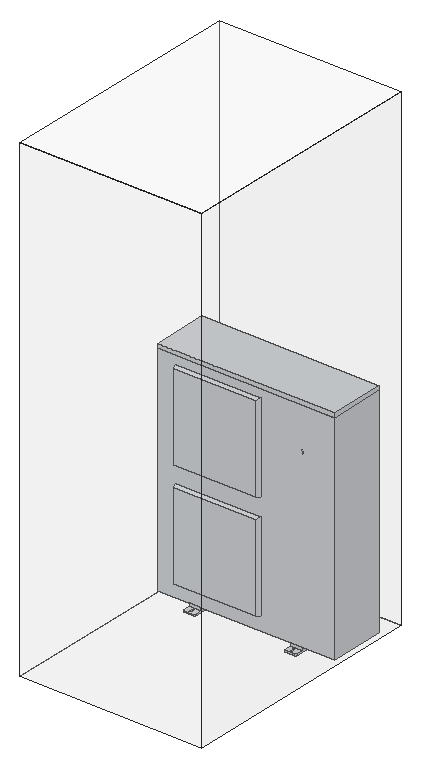
Revit family "pumy-frp80_280hm_60hz", category 機械設備, Revit 2019
Family settings
  丸型コネクタ寸法 = 直径を使用
  パーツ タイプ = 標準
  OmniClass 番号 = 23.75.10.24.21.27.27
  OmniClass タイトル = Split System Air Conditioning Units
  作業面ベース = いいえ
  常に垂直 = はい
  ロード時にボイドで切り取り = いいえ
  共有 = いいえ
  部屋計算ポイント = いいえ
Parameters (values of type "室外機_PUMY-FRP112HM")
  運転音_冷房  db = 70
  音響パワーレベル(dB) = if(運転音_冷房  db > 運転音_暖房  db, 運転音_冷房  db, 運転音_暖房  db)  # 70
  電源種別 = ""
  電源位置Y = 2 mm
  電源位置Z = 1062 mm
  電源位置X = 325 mm
  電圧 = 200 V
  電動機出力_送風機 = 0.12 kW
  電動機出力_圧縮機 = 2.35 kW
  集中コントローラ [instance] = ""
  運転音_暖房  db = 70
  運転質量 = 0.00 kg
  運転方法 = "冷暖切替"
  質量 = if(製品質量 > 運転質量, 製品質量, 運転質量) * 1.2  # 146.40 kg
  負荷分類 = 1_熱源類
  説明 = "空冷H/P PAC インバータ室外機"
  設計暖房能力 [instance] = 0 kW
  設計冷房能力_顕熱 [instance] = 0 kW
  設計冷房能力 [instance] = 0 kW
  設置方法 = "床置形"
  記号 [instance] = ""
  製造元 = "三菱電機株式会社"
  製品質量 = 122.00 kg
  製品出荷対象 = "国内"
  製品リリース年月 = "2022/9/15"
  製品グループ = ""
  系統 [instance] = ""
  符号 = "PAC"
  積算_科目 = "1 空気調和設備"
  積算_拾い区分 [instance] = ""
  相 = 3
  盤記号 [instance] = ""
  発停方法 = "付属スイッチ"
  特殊仕様 [instance] = ""
  消費電力_暖房 = 2.81 kW
  消費電力_冷房 = 2.42 kW
  消費電力 = if(消費電力_冷房 > 消費電力_暖房, 消費電力_冷房, 消費電力_暖房)  # 2.81 kW
  法定耐用年数 = "6"
  構成品番 = "PUMY-FRP112HM"
  極数 = 3
  材質 [instance] = ""
  本体マテリアル = none
  最小電線太さ_mm2 = 3.5
  最大電流値 = 17.5 A
  暖房能力 = 11.2 kW
  推奨ブレーカー容量 = 30 A
  据付ピッチ1 = 0 mm
  形式 = "パッケージ形 室外機"
  形名 = pumy3 : pumy3-1
  幹線記号 [instance] = ""
  呼称 = "パッケージ形空気調和機_室外機"
  周波数 = 60 Hz
  冷媒管（液）位置Z = 485 mm
  冷媒管位置Z_上面 = 565 mm
  冷媒管（ガス）位置Z = 420 mm
  冷媒液管_半径 = (冷媒液管径) / 2  # 4.76 mm
  冷媒ガス管_半径 = (冷媒ガス管径) / 2  # 7.94 mm
  価格 = 0
  ドレン　位置Z = 23 mm
  ドレン　位置Y = 11 mm
  ドレン　位置X = 480 mm
  アンカーボルト位置Y = 370 mm
  アンカーボルト位置X = 600 mm
  参照している仕様書等のバージョン = "公共建築物標準仕様書（機械設備工事編）平成31年度版"
  分類コード = "50053003126100"
  分類グループ = ""
  冷房能力 = 10 kW
  冷媒管（ガス）位置X = 483 mm
  冷媒管（液）位置X = 422 mm
  冷媒管（液）位置Y = 125 mm
  冷媒管（ガス）位置Y = 109 mm
  冷媒管長 [instance] = 0 mm
  冷媒管径符号 = "Bd"
  冷媒管径 = 100.00 mm
  冷媒管位置Z = 420 mm
  冷媒管位置Y = 111 mm
  冷媒管位置X = (冷媒管（液）位置X + 冷媒管（ガス）位置X) / 2  # 452.5 mm
  冷媒液管径 = 9.52 mm
  冷媒ガス管径 = 15.88 mm
  企業コード = "108420"
  付属品 [instance] = ""
  仕様書バージョン = "Version1.0"
  ユニット数 = 1
  ユニット3 = yes
  ユニット2 = yes
  Model = ""
  ドレン管径 = 33.00 mm
  サービススペース = yes
  コメント [instance] = ""
  ケーブル種類1 = ""
  【値が 0 の項目は組合せ形名にてご確認ください】 = ""
  Width = 1050 mm
  Version = ""
  Uniclass2015Version = "Systems v1.9"
  Uniclass2015Title = "Split coil remote air cooled condensing units"
  Uniclass2015Code = "Pr_70_65_03_84"
  URL = "https://www.mitsubishielectric.co.jp/ldg/wink/ssl/top.do"
  SpecificationReference = ""
  SpecificationDescription = ""
  Revision = ""
  ProductInformation = ""
  OmniClassCode = "23-33 17 13 11"
  IfcTypeProduct = ""
  IfcProduct = ""
  IfcExportType = "AIRCONDITIONINGUNIT"
  IfcExportAs = "IfcUnitaryEquipmentType"
  Height = 1338 mm
  Depth = 330 mm
  Clearance Top = 1500 mm
  Clearance Right = 15 mm
  Clearance Left = 15 mm
  Clearance Front = 1000 mm
  Clearance Bottom = 0 mm
  Clearance Back = 150 mm
  COP_暖房 = 3.98
  COP_冷房 = 4.13
  COP = (COP_冷房 + COP_暖房) / 2  # 4.055
  Author = "三菱電機株式会社"
  APF = 0
Reference planes
  plane 1 "中心(正面/背面)": y = 74
  plane 2: z = 0
  plane 3 "中心(左/右)": x = 830
  plane 4 "右": x = 1355
  plane 5 "左": x = 305
  plane 6 "背面": y = 239
  plane 7 "正面": y = -91
  plane 8 "上部": z = 1338
  plane 9 "Clearanse Top": z = 2838
  plane 10 "SS_back": y = 389
  plane 11 "SS_front": y = -1091
  plane 12 "SS_left": x = 290
  plane 13 "SS_right": x = 1370
  plane 14: z = 0
  plane 15: y = -89
  plane 16: x = 1155
  plane 17: z = 1062
  plane 18: x = 1282.5
  plane 19: y = 63
  plane 20: x = 350
  plane 21: z = 25
  plane 22: z = 23
  plane 23: x = 530
  plane 24: x = 1130
  plane 25: y = 259
  plane 26: y = -111
  plane 27: x = 1313
  plane 28: x = 1252
  plane 29 "ガス管": z = 420
  plane 30 "液管": z = 485
  plane 31: y = -51
  plane 32: y = -35
  plane 33 "冷媒管": z = 420
  plane 34: y = -37
  plane 35: z = 565
Forms (mm)
  Extrusion 1, solid, detail levels fine
    sketch origin (0, -91, 0) x (1, 0, 0) y (0, 0, 1)
      loop
        circle (1155, 1062) r 13.5
    from -12 to -2
  Extrusion 2, solid, detail levels fine
    sketch origin (-1437.329, -1524, 54) x (-1, 0, 0) y (0, -1, 0)
      loop
        circle (-1787.329, -1587) r 16.5
    from -31 to -29
  Extrusion 3, solid, detail levels fine
    sketch origin (0, 0, 485) x (-1, 0, 0) y (0, -1, 0)
      loop
        circle (-1252, 51) r 4.76
    from 0 to 80
  Extrusion 4, solid, detail levels fine
    sketch origin (0, 0, 420) x (-1, 0, 0) y (0, -1, 0)
      loop
        circle (-1313, 35) r 7.94
    from 0 to 100
  Extrusion 5, solid, detail levels fine
    sketch origin (0, 0, 420) x (-1, 0, 0) y (0, -1, 0)
      loop
        circle (-1282.5, 37) r 50
    from 0 to 145
Lines and regions (mm)
  model lines, not visible
    curve 1: line (460, 178.667, 1289.179) -> (460, 297.73, 1289.179)
    curve 2: line (460, 178.667, 1056.056) -> (460, 178.667, 1289.179)
    curve 3: line (460, 297.73, 1056.056) -> (460, 178.667, 1056.056)
    curve 4: line (460, 297.73, 1289.179) -> (460, 297.73, 1056.056)
    curve 5: line (460, 47.598, 1289.179) -> (460, 166.661, 1289.179)
    curve 6: line (460, 47.598, 1056.056) -> (460, 47.598, 1289.179)
    curve 7: line (460, 166.661, 1056.056) -> (460, 47.598, 1056.056)
    curve 8: line (460, 166.661, 1289.179) -> (460, 166.661, 1056.056)
    curve 9: line (460, -83.471, 1289.179) -> (460, 35.592, 1289.179)
    curve 10: line (460, -83.471, 1056.056) -> (460, -83.471, 1289.179)
    curve 11: line (460, 35.592, 1056.056) -> (460, -83.471, 1056.056)
    curve 12: line (460, 35.592, 1289.179) -> (460, 35.592, 1056.056)
    curve 13: line (460, -150.779, 1289.179) -> (460, -95.75, 1289.179)
    curve 14: line (460, -150.779, 1056.056) -> (460, -150.779, 1289.179)
    curve 15: line (460, -95.75, 1056.056) -> (460, -150.779, 1056.056)
    curve 16: line (460, -95.75, 1289.179) -> (460, -95.75, 1056.056)
    curve 17: line (460, -150.779, 1283.175) -> (460, -132.596, 1283.175)
    curve 18: line (460, -150.779, 1062.059) -> (460, -150.779, 1283.175)
    curve 19: line (460, -132.596, 1062.059) -> (460, -150.779, 1062.059)
    curve 20: line (460, -132.596, 1283.175) -> (460, -132.596, 1062.059)
    curve 21: line (460, 178.667, 1046.051) -> (460, 297.73, 1046.051)
    curve 22: line (460, 178.667, 812.928) -> (460, 178.667, 1046.051)
    curve 23: line (460, 297.73, 812.928) -> (460, 178.667, 812.928)
    curve 24: line (460, 297.73, 1046.051) -> (460, 297.73, 812.928)
    curve 25: line (460, 47.598, 1046.051) -> (460, 166.661, 1046.051)
    curve 26: line (460, 47.598, 812.928) -> (460, 47.598, 1046.051)
    curve 27: line (460, 166.661, 812.928) -> (460, 47.598, 812.928)
    curve 28: line (460, 166.661, 1046.051) -> (460, 166.661, 812.928)
    curve 29: line (460, -83.471, 1046.051) -> (460, 35.592, 1046.051)
    curve 30: line (460, -83.471, 812.928) -> (460, -83.471, 1046.051)
    curve 31: line (460, 35.592, 812.928) -> (460, -83.471, 812.928)
    curve 32: line (460, 35.592, 1046.051) -> (460, 35.592, 812.928)
    curve 33: line (460, -150.779, 1046.051) -> (460, -95.75, 1046.051)
    curve 34: line (460, -150.779, 812.928) -> (460, -150.779, 1046.051)
    curve 35: line (460, -95.75, 812.928) -> (460, -150.779, 812.928)
    curve 36: line (460, -95.75, 1046.051) -> (460, -95.75, 812.928)
    curve 37: line (460, -150.779, 1040.048) -> (460, -132.596, 1040.048)
    curve 38: line (460, -150.779, 818.931) -> (460, -150.779, 1040.048)
    curve 39: line (460, -132.596, 818.931) -> (460, -150.779, 818.931)
    curve 40: line (460, -132.596, 1040.048) -> (460, -132.596, 818.931)
    curve 41: line (460, 178.667, 802.923) -> (460, 297.73, 802.923)
    curve 42: line (460, 178.667, 569.8) -> (460, 178.667, 802.923)
    curve 43: line (460, 297.73, 569.8) -> (460, 178.667, 569.8)
    curve 44: line (460, 297.73, 802.923) -> (460, 297.73, 569.8)
    curve 45: line (460, 47.598, 802.923) -> (460, 166.661, 802.923)
    curve 46: line (460, 47.598, 569.8) -> (460, 47.598, 802.923)
    curve 47: line (460, 166.661, 569.8) -> (460, 47.598, 569.8)
    curve 48: line (460, 166.661, 802.923) -> (460, 166.661, 569.8)
    curve 49: line (460, -83.471, 802.923) -> (460, 35.592, 802.923)
    curve 50: line (460, -83.471, 569.8) -> (460, -83.471, 802.923)
    curve 51: line (460, 35.592, 569.8) -> (460, -83.471, 569.8)
    curve 52: line (460, 35.592, 802.923) -> (460, 35.592, 569.8)
    curve 53: line (460, -150.779, 802.923) -> (460, -95.75, 802.923)
    curve 54: line (460, -150.779, 569.8) -> (460, -150.779, 802.923)
    curve 55: line (460, -95.75, 569.8) -> (460, -150.779, 569.8)
    curve 56: line (460, -95.75, 802.923) -> (460, -95.75, 569.8)
    curve 57: line (460, -150.779, 796.92) -> (460, -132.596, 796.92)
    curve 58: line (460, -150.779, 575.803) -> (460, -150.779, 796.92)
    curve 59: line (460, -132.596, 575.803) -> (460, -150.779, 575.803)
    curve 60: line (460, -132.596, 796.92) -> (460, -132.596, 575.803)
    curve 61: line (460, 178.667, 559.795) -> (460, 297.73, 559.795)
    curve 62: line (460, 178.667, 326.672) -> (460, 178.667, 559.795)
    curve 63: line (460, 297.73, 326.672) -> (460, 178.667, 326.672)
    curve 64: line (460, 297.73, 559.795) -> (460, 297.73, 326.672)
    curve 65: line (460, 47.598, 559.795) -> (460, 166.661, 559.795)
    curve 66: line (460, 47.598, 326.672) -> (460, 47.598, 559.795)
    curve 67: line (460, 166.661, 326.672) -> (460, 47.598, 326.672)
    curve 68: line (460, 166.661, 559.795) -> (460, 166.661, 326.672)
    curve 69: line (460, -83.471, 559.795) -> (460, 35.592, 559.795)
    curve 70: line (460, -83.471, 326.672) -> (460, -83.471, 559.795)
    curve 71: line (460, 35.592, 326.672) -> (460, -83.471, 326.672)
    curve 72: line (460, 35.592, 559.795) -> (460, 35.592, 326.672)
    curve 73: line (460, -150.779, 559.795) -> (460, -95.75, 559.795)
    curve 74: line (460, -150.779, 326.672) -> (460, -150.779, 559.795)
    curve 75: line (460, -95.75, 326.672) -> (460, -150.779, 326.672)
    curve 76: line (460, -95.75, 559.795) -> (460, -95.75, 326.672)
    curve 77: line (460, -150.779, 553.792) -> (460, -132.596, 553.792)
    curve 78: line (460, -150.779, 332.675) -> (460, -150.779, 553.792)
    curve 79: line (460, -132.596, 332.675) -> (460, -150.779, 332.675)
    curve 80: line (460, -132.596, 553.792) -> (460, -132.596, 332.675)
    curve 81: line (460, 178.667, 316.667) -> (460, 297.73, 316.667)
    curve 82: line (460, 178.667, 83.544) -> (460, 178.667, 316.667)
    curve 83: line (460, 297.73, 83.544) -> (460, 178.667, 83.544)
    curve 84: line (460, 297.73, 316.667) -> (460, 297.73, 83.544)
    curve 85: line (460, 47.598, 316.667) -> (460, 166.661, 316.667)
    curve 86: line (460, 47.598, 83.544) -> (460, 47.598, 316.667)
    curve 87: line (460, 166.661, 83.544) -> (460, 47.598, 83.544)
    curve 88: line (460, 166.661, 316.667) -> (460, 166.661, 83.544)
    curve 89: line (460, -83.471, 316.667) -> (460, 35.592, 316.667)
    curve 90: line (460, -83.471, 83.544) -> (460, -83.471, 316.667)
    curve 91: line (460, 35.592, 83.544) -> (460, -83.471, 83.544)
    curve 92: line (460, 35.592, 316.667) -> (460, 35.592, 83.544)
    curve 93: line (460, -150.779, 316.667) -> (460, -95.75, 316.667)
    curve 94: line (460, -150.779, 83.544) -> (460, -150.779, 316.667)
    curve 95: line (460, -95.75, 83.544) -> (460, -150.779, 83.544)
    curve 96: line (460, -95.75, 316.667) -> (460, -95.75, 83.544)
    curve 97: line (460, -150.779, 310.664) -> (460, -132.596, 310.664)
    curve 98: line (460, -150.779, 89.547) -> (460, -150.779, 310.664)
    curve 99: line (460, -132.596, 89.547) -> (460, -150.779, 89.547)
    curve 100: line (460, -132.596, 310.664) -> (460, -132.596, 89.547)
Dimensions and locks
  equal spacing: plane 7 "正面", plane 1 "中心(正面/背面)", plane 6 "背面"
  "Depth": plane 7 "正面" to plane 6 "背面"
  "Width": plane 5 "左" to plane 4 "右"
  equal spacing: plane 5 "左", plane 3 "中心(左/右)", plane 4 "右"
  "Clearance Left": plane 12 "SS_left" to plane 5 "左"
  "Clearance Right": plane 4 "右" to plane 13 "SS_right"
  "Clearance Back": plane 6 "背面" to plane 10 "SS_back"
  "Clearance Front": plane 11 "SS_front" to plane 7 "正面"
  "Height": plane 8 "上部" to level
  "Clearance Top": plane 9 "Clearanse Top" to plane 8 "上部"
  "Clearance Bottom": level to plane 14
  "電源位置X": plane 3 "中心(左/右)" to plane 16
  "電源位置Y": plane 7 "正面" to plane 15
  "電源位置Z": plane 17 to level
  "冷媒管位置X": plane 3 "中心(左/右)" to plane 18
  locked: plane 21 to plane 22 at 2
  equal spacing: plane 26, plane 1 "中心(正面/背面)", plane 25
  "アンカーボルト位置Y": plane 26 to plane 25
  equal spacing: plane 23, plane 3 "中心(左/右)", plane 24
  "アンカーボルト位置X": plane 23 to plane 24
  plane 28 to plane 27 = 61 mm
  "冷媒管（液）位置X": nested 1 to plane 28
  "冷媒管（ガス）位置X": nested 1 to plane 27
  "ドレン　位置Y": plane 19 to plane 1 "中心(正面/背面)"
  "ドレン　位置X": plane 20 to nested 1
  plane 25 to nested 2 = 19 mm
  nested 2 to plane 7 "正面" = 25 mm
  plane 5 "左" to plane 23 = 225 mm
  nested 2 to plane 26 = 28 mm
  nested 2 to nested 2 = 417 mm
  plane 7 "正面" to plane 19 = 154 mm
  plane 7 "正面" to plane 31 = 40 mm
  plane 7 "正面" to plane 32 = 56 mm
  plane 28 to plane 18 to plane 27 = 30.5 mm, 30.5 mm
  "冷媒管（ガス）位置Y": plane 32 to plane 1 "中心(正面/背面)"
  "冷媒管（液）位置Y": plane 31 to plane 1 "中心(正面/背面)"
  "冷媒管（ガス）位置Z": plane 29 "ガス管" to level
  "冷媒管（液）位置Z": plane 30 "液管" to level
  "冷媒管位置Z": plane 33 "冷媒管" to level
  "冷媒管位置Y": plane 34 to plane 1 "中心(正面/背面)"
  "冷媒管位置Z_上面": plane 35 to level
  radius of Extrusion 1 sketch curve = 13.5 mm
  "ドレン管径": diameter of Extrusion 2 sketch curve
  "冷媒液管_半径": radius of Extrusion 3 sketch curve
  "冷媒ガス管_半径": radius of Extrusion 4 sketch curve
  aligned and locked: level to plane 2
  aligned and locked: plane 10 "SS_back" to nested 1  (x2)
  aligned and locked: plane 13 "SS_right" to nested 1
  aligned and locked: plane 12 "SS_left" to nested 1  (x2)
  aligned and locked: nested 1 to plane 13 "SS_right"
  aligned and locked: plane 11 "SS_front" to nested 1
  aligned and locked: plane 9 "Clearanse Top" to nested 1
  aligned and locked: plane 1 "中心(正面/背面)" to nested 2
  aligned and locked: plane 3 "中心(左/右)" to nested 2
  aligned and locked: plane 14 to nested 1
  aligned and locked: plane 17 to Extrusion 1 sketch curve
  aligned and locked: plane 16 to Extrusion 1 sketch curve
  aligned and locked: plane 15 to Extrusion 1
  aligned and locked: plane 20 to Extrusion 2 sketch curve
  aligned and locked: plane 19 to Extrusion 2 sketch curve
  aligned and locked: plane 21 to Extrusion 2
  aligned and locked: Extrusion 2 to plane 22
  aligned and locked: plane 23 to nested 3
  aligned and locked: plane 25 to nested 3
  aligned and locked: Extrusion 4 to plane 29 "ガス管"
  aligned and locked: Extrusion 3 to plane 30 "液管"
  aligned and locked: Extrusion 5 to plane 33 "冷媒管"
  aligned and locked: plane 35 to Extrusion 5
Automatic sketch dimensions
  Extrusion 5 sketch curve to plane 18 = 0 mm
  plane 34 to Extrusion 5 sketch curve = 0 mm
  Extrusion 3 sketch curve to plane 28 = 0 mm
  plane 31 to Extrusion 3 sketch curve = 0 mm
  Extrusion 4 sketch curve to plane 27 = 0 mm
  plane 32 to Extrusion 4 sketch curve = 0 mm
  radius of Extrusion 5 sketch curve = 50 mm
Nested families
  nested 1: "サービススペース" at (830, -351, 1419), visible <- "サービススペース", type "サービススペース"
    with Width 1080 mm, Height 2838 mm, Depth 1480 mm
  nested 2: "pumy3" at (830, 74, 0), type <- "形名", type "pumy3-1", detail levels fine
  nested 3: "固定点" at (530, -111, 0), type "固定点"
    with W 600 mm, D 370 mm
Connectors
  electrical at (1155, -89, 1062), driven by "極数", driven by "負荷分類", driven by "電圧", driven by "消費電力"
    settings: on Extrusion 1, index 2, voltage 200 V, apparent load 2810 VA, apparent load phase1 0 VA, apparent load phase2 0 VA, apparent load phase3 0 VA, power factor 1, load classification "1_熱源類", number of poles 3, system type 30, power factor state 1, is connector primary yes, connector utility no, sub classification motor no, connector description ""
  piping at (1282.5, -37, 420), diameter 100, driven by "冷媒管径"
    settings: on Extrusion 5, index 3, connector inside diameter 609.60 mm, connector length 0 mm, flow factor 0, pipe flow 0.0 L/s, pressure drop 0.0 Pa, fitting loss kfactor 0, connector angle 0.00°, fixture units 0, engagement length 0 mm, angle of deflection 0.00°, flow configuration 1, flow direction 2, fitting loss method 4, system type 7, joint type 0, gender type 0, connector reference index -1, connector utility 0, adjustable connector no, is connector primary yes, connector description "Bd"
Definition of nested family "サービススペース"
  Parameters (values of type "サービススペース")
    Width [instance] = 500 mm
    Height [instance] = 500 mm
    Depth [instance] = 500 mm
  Reference planes
    plane 1 "中心(正面/背面)": y = 0
    plane 2: z = 0
    plane 3 "中心(左/右)": x = 0
    plane 4: y = -250
    plane 5: x = 250
    plane 6: y = 250
    plane 7: x = -250
    plane 8: z = 250
    plane 9: z = -250
  Forms (mm)
    Extrusion 1, solid
      sketch origin (-638.939, 0, 72.39) x (1, 0, 0) y (0, 1, 0)
        loop
          line (388.939, 250) -> (388.939, -250) -> (888.939, -250) -> (888.939, 250) -> (388.939, 250)
      from -322.39 to 177.61
  Lines and regions (mm)
    symbolic lines
      curve 1: line (-250, 0, 250) -> (250, 0, 250)
      curve 2: line (-250, 0, -250) -> (-250, 0, 250)
      curve 3: line (250, 0, -250) -> (-250, 0, -250)
      curve 4: line (250, 0, 250) -> (250, 0, -250)
      curve 5: line (0, -250, 250) -> (0, 250, 250)
      curve 6: line (0, -250, -250) -> (0, -250, 250)
      curve 7: line (0, 250, -250) -> (0, -250, -250)
      curve 8: line (0, 250, 250) -> (0, 250, -250)
      curve 9: line (-250, 250, 0) -> (250, 250, 0)
      curve 10: line (-250, -250, 0) -> (-250, 250, 0)
      curve 11: line (250, -250, 0) -> (-250, -250, 0)
      curve 12: line (250, 250, 0) -> (250, -250, 0)
  Dimensions and locks
    equal spacing: plane 7, plane 3 "中心(左/右)", plane 5
    equal spacing: plane 4, plane 1 "中心(正面/背面)", plane 6
    "Depth": plane 4 to plane 6
    "Width": plane 7 to plane 5
    equal spacing: plane 8, plane 2, plane 9
    "Height": plane 8 to plane 9
    aligned and locked: plane 9 to curve 3
    aligned and locked: plane 7 to curve 2
    aligned and locked: curve 4 to plane 5
    aligned and locked: plane 5 to Extrusion 1
    aligned and locked: Extrusion 1 to plane 7
    aligned and locked: Extrusion 1 to plane 9
    aligned and locked: plane 8 to Extrusion 1
    aligned and locked: plane 9 to curve 7
  Automatic sketch dimensions
    plane 4 to Extrusion 1 sketch curve = 0 mm
    Extrusion 1 sketch curve to plane 7 = 0 mm
    Extrusion 1 sketch curve to plane 5 = 0 mm
    plane 6 to Extrusion 1 sketch curve = 0 mm
    curve 2 to plane 8 = 0 mm
    plane 4 to curve 11 = 0 mm
    curve 11 to plane 7 = 0 mm
    curve 11 to plane 5 = 0 mm
    plane 6 to curve 10 = 0 mm
    curve 7 to plane 4 = 0 mm
    curve 7 to plane 6 = 0 mm
    curve 6 to plane 8 = 0 mm
Definition of nested family "pumy3"
  Parameters (values of type "PUZ-ZRMP112KA11")
    配線取出口サイズ = 27 mm
    配線取出口-Z = 1063 mm
    配線取出口-Y = 325 mm
    配線取出口-X = 325 mm
    液配管サイズ = 100 mm
    高さ = 1338 mm
    換気-W = 362 mm
    換気-H2 = 632 mm
    換気-H1 = 369 mm
    換気-D = 25 mm
    奥行き = 330 mm
    吊りボルト_H = 0 mm
    吊りボルト-φ = 12 mm
    冷媒配管サイズ = 9.52 mm
    冷媒液管径-Z = 485 mm
    冷媒液管径-Y = 290 mm
    冷媒液管径-X = 422 mm
    冷媒ガス管径-Z = 420 mm
    冷媒ガス管径-Y = 234 mm
    冷媒ガス管径-X = 483 mm
    吊りボルト-W = 600 mm
    マテリアル = none
    ドレン配管サイズ = 33 mm
    ドレン管径-Z = 0 mm
    ドレン管径-Y = 154 mm
    ドレン管径-X = 480 mm
    タイプ3 = yes
    タイプ2 = no
    タイプ1 = no
    ガス配管サイズ = 15.88 mm
    吊りボルト-D = 370 mm
    幅さ = 1050 mm
    a = 幅さ / 2  # 525 mm
  Types (3, lengths in mm): name | 冷媒配管サイズ | 冷媒液管径-Z | 冷媒液管径-X | 冷媒ガス管径-Z | 冷媒ガス管径-Y | 冷媒ガス管径-X | ガス配管サイズ
    PUZ-ZRMP112KA11 | 9.52 | 485 | 422 | 420 | 234 | 483 | 15.88
    PUZ-ZRMP224KA | 19.05 | 450 | 423 | 337 | 236 | 479 | 25.4
    PUZ-ZRMP280KA | 19.05 | 424 | 423 | 337 | 236 | 479 | 25.4
  Reference planes
    plane 1 "中心(正面/背面)": y = 0
    plane 2: z = 0
    plane 3 "中心(左/右)": x = 0
    plane 4: z = 1338
    plane 5: x = -525
    plane 6: x = 525
    plane 7: y = 165
    plane 8: y = -165
    plane 9: x = 587
    plane 10: y = -105
    plane 11: y = 5
    plane 12: z = 1313
    plane 13: x = -545
    plane 14: x = -300
    plane 15: x = 300
    plane 16: y = 185
    plane 17: y = -185
    plane 18: x = 335
    plane 19: x = 265
    plane 20: x = -265
    plane 21: x = -335
    plane 22: y = 204
    plane 23: z = 8.5
    plane 24: z = 25
    plane 25: z = 23
    plane 26: z = 1333
    plane 27: y = -40
    plane 28: y = 40
    plane 29: y = -30
    plane 30: y = 30
    plane 31: z = 1318
    plane 32: z = 55
    plane 33: z = 225
    plane 34: z = 570
    plane 35: x = 535
    plane 36: x = 556
    plane 37: y = -190
    plane 38: x = -163
    plane 39: z = 369
    plane 40: x = 91
    plane 41: x = -417
    plane 42: z = 633
    plane 43: z = 105
    plane 44: x = -407
    plane 45: x = 81
    plane 46: z = 623
    plane 47: z = 115
    plane 48: y = 115
    plane 49: y = -115
    plane 50: x = -480
    plane 51: y = -11
    plane 52: x = 325
    plane 53: y = -160
    plane 54: y = -125
    plane 55: y = -69
    plane 56: z = 1063
    plane 57: y = -110
    plane 58: y = -97
    plane 59 "グループ": x = -525
    plane 60: z = 1338
    plane 61: z = 943
    plane 62: z = 1001
    plane 63: z = 1265
    plane 64: z = 737
    plane 65: z = 1255
    plane 66: z = 747
    plane 67: y = 125
    plane 68: x = -370
    plane 69: x = -210
    plane 70: x = -50
    plane 71: x = 110
    plane 72: y = -213
  Forms (mm)
    Extrusion 1, solid, visible <- "タイプ3", detail levels fine
      sketch origin (-1437.329, -1524, 1338) x (-1, 0, 0) y (0, -1, 0)
        loop
          line (-1102.329, -1689) -> (-1102.329, -1359) -> (-1172.329, -1359) -> (-1172.329, -1689) -> (-1102.329, -1689)
        loop
          line (-1702.329, -1689) -> (-1702.329, -1359) -> (-1772.329, -1359) -> (-1772.329, -1689) -> (-1702.329, -1689)
      from -1338 to -1313
    Extrusion 2, solid, material <- "マテリアル", visible <- "タイプ3", detail levels fine
      sketch origin (-1437.329, -1524, 1338) x (-1, 0, 0) y (0, -1, 0)
        loop
          line (-1962.329, -1689) -> (-912.329, -1689) -> (-912.329, -1359) -> (-1962.329, -1359) -> (-1962.329, -1689)
      from -1313 to -25
    Extrusion 3, solid, material <- "マテリアル", visible <- "タイプ3", detail levels fine
      sketch origin (-1437.329, -1524, 1338) x (-1, 0, 0) y (0, -1, 0)
        loop
          line (-912.329, -1689) -> (-912.329, -1359) -> (-1962.329, -1359) -> (-1962.329, -1689) -> (-912.329, -1689)
      from -25 to 0
    Blend 4, solid, material <- "マテリアル", visible <- "タイプ3", detail levels fine
      base sketch origin (0, 0, 0) x (1, 0, 0) y (0, 0, 1)
        loop
          line (-417, 633) -> (-417, 105) -> (91, 105) -> (91, 633) -> (-417, 633)
      top sketch origin (0, 0, 0) x (1, 0, 0) y (0, 0, 1)
        loop
          line (-407, 623) -> (-407, 115) -> (81, 115) -> (81, 623) -> (-407, 623)
      from 165 to 190
    Blend 5, solid, material <- "マテリアル", visible <- "タイプ3", detail levels fine
      base sketch origin (1480.036, -190, 1200) x (1, 0, 0) y (0, 0, 1)
        loop
          line (-1897.036, 65) -> (-1897.036, -463) -> (-1389.036, -463) -> (-1389.036, 65) -> (-1897.036, 65)
      top sketch origin (1480.036, -190, 1200) x (1, 0, 0) y (0, 0, 1)
        loop
          line (-1887.036, 55) -> (-1887.036, -453) -> (-1399.036, -453) -> (-1399.036, 55) -> (-1887.036, 55)
      from -25 to 0
    Extrusion 6, solid, visible <- "タイプ3", detail levels fine
      sketch origin (-1437.329, -1524, 1338) x (-1, 0, 0) y (0, -1, 0)
        loop
          line (-1102.329, -1728) -> (-1102.329, -1689) -> (-1172.329, -1689) -> (-1172.329, -1728) -> (-1143.329, -1728) -> (-1143.329, -1709)
          arc (-1143.329, -1709) -> (-1137.329, -1703) -> (-1131.329, -1709) r 6
          line (-1131.329, -1709) -> (-1131.329, -1728) -> (-1102.329, -1728)
        loop
          line (-1102.329, -1359) -> (-1102.329, -1316)
          arc (-1102.329, -1316) -> (-1103.794, -1312.464) -> (-1107.329, -1311) r 5
          line (-1107.329, -1311) -> (-1167.329, -1311)
          arc (-1167.329, -1311) -> (-1170.865, -1312.464) -> (-1172.329, -1316) r 5
          line (-1172.329, -1316) -> (-1172.329, -1359) -> (-1102.329, -1359)
        loop
          arc (-1143.329, -1339) -> (-1137.329, -1345) -> (-1131.329, -1339) r 6
          line (-1131.329, -1339) -> (-1131.329, -1324)
          arc (-1131.329, -1324) -> (-1137.329, -1318) -> (-1143.329, -1324) r 6
          line (-1143.329, -1324) -> (-1143.329, -1339)
        loop
          line (-1772.329, -1728) -> (-1743.329, -1728) -> (-1743.329, -1709)
          arc (-1743.329, -1709) -> (-1737.329, -1703) -> (-1731.329, -1709) r 6
          line (-1731.329, -1709) -> (-1731.329, -1728) -> (-1702.329, -1728) -> (-1702.329, -1689) -> (-1772.329, -1689) -> (-1772.329, -1728)
        loop
          line (-1772.329, -1359) -> (-1702.329, -1359) -> (-1702.329, -1316)
          arc (-1702.329, -1316) -> (-1703.794, -1312.464) -> (-1707.329, -1311) r 5
          line (-1707.329, -1311) -> (-1767.329, -1311)
          arc (-1767.329, -1311) -> (-1770.865, -1312.464) -> (-1772.329, -1316) r 5
          line (-1772.329, -1316) -> (-1772.329, -1359)
        loop
          line (-1731.329, -1339) -> (-1731.329, -1324)
          arc (-1731.329, -1324) -> (-1737.329, -1318) -> (-1743.329, -1324) r 6
          line (-1743.329, -1324) -> (-1743.329, -1339)
          arc (-1743.329, -1339) -> (-1737.329, -1345) -> (-1731.329, -1339) r 6
      from -1338 to -1329.5
    Extrusion 7, solid, material <- "マテリアル", visible <- "タイプ3", detail levels fine
      sketch origin (-1437.329, -1524, 1338) x (-1, 0, 0) y (0, -1, 0)
        loop
          circle (-957.329, -1513) r 16.5
        loop
          circle (-1067.329, -1649) r 16.5
        loop
          circle (-1227.329, -1649) r 16.5
        loop
          circle (-1387.329, -1649) r 16.5
        loop
          circle (-1547.329, -1649) r 16.5
      from -1315 to -1313
  Cuts and joins
    joined: Extrusion 1, Extrusion 6
  Lines and regions (mm)
    Masking region 1, visible <- "タイプ3", detail levels coarse+medium
      outline origin (-1437.329, -1524, 1338) x (-1, 0, 0) y (0, -1, 0)
        loop
          line (-1962.329, -1689) -> (-1772.329, -1689) -> (-1772.329, -1728) -> (-1702.329, -1728) -> (-1702.329, -1689) -> (-1172.329, -1689) -> (-1172.329, -1728) -> (-1102.329, -1728) -> (-1102.329, -1689) -> (-912.329, -1689) -> (-912.329, -1359) -> (-1020.329, -1359) -> (-1030.329, -1334) -> (-1102.329, -1334) -> (-1102.329, -1311) -> (-1172.329, -1311) -> (-1172.329, -1334) -> (-1518.329, -1334) -> (-1528.329, -1359) -> (-1702.329, -1359) -> (-1702.329, -1311) -> (-1772.329, -1311) -> (-1772.329, -1359) -> (-1962.329, -1359) -> (-1962.329, -1689)
    model lines, visible <- "タイプ3", detail levels fine
      curve 1: line (446.5, 115, 1338) -> (-445, 115, 1338)
      curve 2: line (-445, -115, 1338) -> (446.5, -115, 1338)
      curve 3: line (-445, -45, 1338) -> (446.5, -45, 1338)
      curve 4: line (446.5, 45, 1338) -> (-445, 45, 1338)
      curve 5: line (-445, -35, 1338) -> (446.5, -35, 1338)
      curve 6: line (446.5, 35, 1338) -> (-445, 35, 1338)
      curve 7: line (-445, 115, 1338) -> (-445, 45, 1338)
      curve 8: line (446.5, -115, 1338) -> (446.5, -45, 1338)
      curve 9: line (-445, 35, 1338) -> (-445, -35, 1338)
      curve 10: line (-445, -45, 1338) -> (-445, -115, 1338)
      curve 11: line (446.5, -35, 1338) -> (446.5, 35, 1338)
      curve 12: line (446.5, 45, 1338) -> (446.5, 115, 1338)
      curve 13: line (479, -115, 1338) -> (479, 115, 1338)
      curve 14: line (461.5, -115, 1338) -> (461.5, 115, 1338)
      curve 15: line (-475, 115, 1338) -> (-475, -115, 1338)
      curve 16: line (-460, 115, 1338) -> (-460, -115, 1338)
      curve 17: line (-460, 115, 1338) -> (-475, 115, 1338)
      curve 18: line (-460, -115, 1338) -> (-475, -115, 1338)
      curve 19: line (461.5, 115, 1338) -> (479, 115, 1338)
      curve 20: line (461.5, -115, 1338) -> (479, -115, 1338)
      curve 21: line (-407, -190, 416.5) -> (81, -190, 416.5)
      curve 22: line (81, -190, 321.5) -> (-407, -190, 321.5)
      curve 23: line (-407, -190, 511.5) -> (81, -190, 511.5)
      curve 24: line (-407, -190, 606.5) -> (81, -190, 606.5)
      curve 25: line (81, -190, 226.5) -> (-407, -190, 226.5)
      curve 26: line (81, -190, 131.5) -> (-407, -190, 131.5)
      curve 27: line (-389.571, -190, 623) -> (-389.571, -190, 115)
      curve 28: line (63.571, -190, 115) -> (63.571, -190, 623)
      curve 29: line (-372.143, -190, 623) -> (-372.143, -190, 115)
      curve 30: line (-354.714, -190, 623) -> (-354.714, -190, 115)
      curve 31: line (-337.286, -190, 623) -> (-337.286, -190, 115)
      curve 32: line (-319.857, -190, 623) -> (-319.857, -190, 115)
      curve 33: line (-302.429, -190, 623) -> (-302.429, -190, 115)
      curve 34: line (-285, -190, 623) -> (-285, -190, 115)
      curve 35: line (-267.571, -190, 623) -> (-267.571, -190, 115)
      curve 36: line (-250.143, -190, 623) -> (-250.143, -190, 115)
      curve 37: line (-232.714, -190, 623) -> (-232.714, -190, 115)
      curve 38: line (-215.286, -190, 623) -> (-215.286, -190, 115)
      curve 39: line (-197.857, -190, 623) -> (-197.857, -190, 115)
      curve 40: line (-180.429, -190, 623) -> (-180.429, -190, 115)
      curve 41: line (-163, -190, 623) -> (-163, -190, 115)
      curve 42: line (-145.571, -190, 623) -> (-145.571, -190, 115)
      curve 43: line (-128.143, -190, 623) -> (-128.143, -190, 115)
      curve 44: line (-110.714, -190, 623) -> (-110.714, -190, 115)
      curve 45: line (-93.286, -190, 623) -> (-93.286, -190, 115)
      curve 46: line (-75.857, -190, 623) -> (-75.857, -190, 115)
      curve 47: line (-58.429, -190, 623) -> (-58.429, -190, 115)
      curve 48: line (-41, -190, 623) -> (-41, -190, 115)
      curve 49: line (-23.571, -190, 623) -> (-23.571, -190, 115)
      curve 50: line (-6.143, -190, 623) -> (-6.143, -190, 115)
      curve 51: line (11.286, -190, 623) -> (11.286, -190, 115)
      curve 52: line (28.714, -190, 623) -> (28.714, -190, 115)
      curve 53: line (46.143, -190, 623) -> (46.143, -190, 115)
      curve 54: line (-525, -100, 87) -> (-525, -60, 87)
      curve 55: line (-525, -100, 277) -> (-525, -100, 87)
      curve 56: line (-525, -60, 277) -> (-525, -100, 277)
      curve 57: line (-525, -60, 87) -> (-525, -60, 277)
      curve 58: line (-525, -100, 292) -> (-525, -60, 292)
      curve 59: line (-525, -100, 482) -> (-525, -100, 292)
      curve 60: line (-525, -60, 482) -> (-525, -100, 482)
      curve 61: line (-525, -60, 292) -> (-525, -60, 482)
      curve 62: line (-525, -100, 497) -> (-525, -60, 497)
      curve 63: line (-525, -100, 687) -> (-525, -100, 497)
      curve 64: line (-525, -60, 687) -> (-525, -100, 687)
      curve 65: line (-525, -60, 497) -> (-525, -60, 687)
      curve 66: line (-525, -100, 702) -> (-525, -60, 702)
      curve 67: line (-525, -100, 892) -> (-525, -100, 702)
      curve 68: line (-525, -60, 892) -> (-525, -100, 892)
      curve 69: line (-525, -60, 702) -> (-525, -60, 892)
      curve 70: line (-525, 60, 87) -> (-525, 100, 87)
      curve 71: line (-525, 60, 277) -> (-525, 60, 87)
      curve 72: line (-525, 100, 277) -> (-525, 60, 277)
      curve 73: line (-525, 100, 87) -> (-525, 100, 277)
      curve 74: line (-525, -46.667, 87) -> (-525, -6.667, 87)
      curve 75: line (-525, -46.667, 277) -> (-525, -46.667, 87)
      curve 76: line (-525, -6.667, 277) -> (-525, -46.667, 277)
      curve 77: line (-525, -6.667, 87) -> (-525, -6.667, 277)
      curve 78: line (-525, 6.667, 87) -> (-525, 46.667, 87)
      curve 79: line (-525, 6.667, 277) -> (-525, 6.667, 87)
      curve 80: line (-525, 46.667, 277) -> (-525, 6.667, 277)
      curve 81: line (-525, 46.667, 87) -> (-525, 46.667, 277)
      curve 82: line (-525, 60, 292) -> (-525, 100, 292)
      curve 83: line (-525, 60, 482) -> (-525, 60, 292)
      curve 84: line (-525, 100, 482) -> (-525, 60, 482)
      curve 85: line (-525, 100, 292) -> (-525, 100, 482)
      curve 86: line (-525, 60, 702) -> (-525, 100, 702)
      curve 87: line (-525, 60, 892) -> (-525, 60, 702)
      curve 88: line (-525, 100, 892) -> (-525, 60, 892)
      curve 89: line (-525, 100, 702) -> (-525, 100, 892)
      curve 90: line (-525, -46.667, 292) -> (-525, -6.667, 292)
      curve 91: line (-525, -46.667, 482) -> (-525, -46.667, 292)
      curve 92: line (-525, -6.667, 482) -> (-525, -46.667, 482)
      curve 93: line (-525, -6.667, 292) -> (-525, -6.667, 482)
      curve 94: line (-525, -46.667, 497) -> (-525, -6.667, 497)
      curve 95: line (-525, -46.667, 687) -> (-525, -46.667, 497)
      curve 96: line (-525, -6.667, 687) -> (-525, -46.667, 687)
      curve 97: line (-525, -6.667, 497) -> (-525, -6.667, 687)
      curve 98: line (-525, -46.667, 702) -> (-525, -6.667, 702)
      curve 99: line (-525, -46.667, 892) -> (-525, -46.667, 702)
      curve 100: line (-525, -6.667, 892) -> (-525, -46.667, 892)
      curve 101: line (-525, -6.667, 702) -> (-525, -6.667, 892)
      curve 102: line (-525, 6.667, 292) -> (-525, 46.667, 292)
      curve 103: line (-525, 6.667, 482) -> (-525, 6.667, 292)
      curve 104: line (-525, 46.667, 482) -> (-525, 6.667, 482)
      curve 105: line (-525, 46.667, 292) -> (-525, 46.667, 482)
      curve 106: line (-525, 6.667, 497) -> (-525, 46.667, 497)
      curve 107: line (-525, 6.667, 687) -> (-525, 6.667, 497)
      curve 108: line (-525, 46.667, 687) -> (-525, 6.667, 687)
      curve 109: line (-525, 46.667, 497) -> (-525, 46.667, 687)
      curve 110: line (-525, 6.667, 702) -> (-525, 46.667, 702)
      curve 111: line (-525, 6.667, 892) -> (-525, 6.667, 702)
      curve 112: line (-525, 46.667, 892) -> (-525, 6.667, 892)
      curve 113: line (-525, 46.667, 702) -> (-525, 46.667, 892)
      curve 114: line (-525, -100, 907) -> (-525, -60, 907)
      curve 115: line (-525, -100, 1097) -> (-525, -100, 907)
      curve 116: line (-525, -60, 1097) -> (-525, -100, 1097)
      curve 117: line (-525, -60, 907) -> (-525, -60, 1097)
      curve 118: line (-525, 60, 907) -> (-525, 100, 907)
      curve 119: line (-525, 60, 1097) -> (-525, 60, 907)
      curve 120: line (-525, 100, 1097) -> (-525, 60, 1097)
      curve 121: line (-525, 100, 907) -> (-525, 100, 1097)
      curve 122: line (-525, -46.667, 907) -> (-525, -6.667, 907)
      curve 123: line (-525, -46.667, 1097) -> (-525, -46.667, 907)
      curve 124: line (-525, -6.667, 1097) -> (-525, -46.667, 1097)
      curve 125: line (-525, -6.667, 907) -> (-525, -6.667, 1097)
      curve 126: line (-525, 6.667, 907) -> (-525, 46.667, 907)
      curve 127: line (-525, 6.667, 1097) -> (-525, 6.667, 907)
      curve 128: line (-525, 46.667, 1097) -> (-525, 6.667, 1097)
      curve 129: line (-525, 46.667, 907) -> (-525, 46.667, 1097)
      curve 130: line (-525, -100, 1112) -> (-525, -60, 1112)
      curve 131: line (-525, -100, 1302) -> (-525, -100, 1112)
      curve 132: line (-525, -60, 1302) -> (-525, -100, 1302)
      curve 133: line (-525, -60, 1112) -> (-525, -60, 1302)
      curve 134: line (-525, 60, 1112) -> (-525, 100, 1112)
      curve 135: line (-525, 60, 1302) -> (-525, 60, 1112)
      curve 136: line (-525, 100, 1302) -> (-525, 60, 1302)
      curve 137: line (-525, 100, 1112) -> (-525, 100, 1302)
      curve 138: line (-525, -46.667, 1112) -> (-525, -6.667, 1112)
      curve 139: line (-525, -46.667, 1302) -> (-525, -46.667, 1112)
      curve 140: line (-525, -6.667, 1302) -> (-525, -46.667, 1302)
      curve 141: line (-525, -6.667, 1112) -> (-525, -6.667, 1302)
      curve 142: line (-525, 6.667, 1112) -> (-525, 46.667, 1112)
      curve 143: line (-525, 6.667, 1302) -> (-525, 6.667, 1112)
      curve 144: line (-525, 46.667, 1302) -> (-525, 6.667, 1302)
      curve 145: line (-525, 46.667, 1112) -> (-525, 46.667, 1302)
      curve 303: line (81, -190, 1238.5) -> (-407, -190, 1238.5)
      curve 304: line (-407, -190, 763.5) -> (81, -190, 763.5)
      curve 305: line (-389.571, -190, 1255) -> (-389.571, -190, 747)
      curve 306: line (81, -190, 858.5) -> (-407, -190, 858.5)
      curve 307: line (81, -190, 1143.5) -> (-407, -190, 1143.5)
      curve 308: line (81, -190, 1048.5) -> (-407, -190, 1048.5)
      curve 309: line (-407, -190, 953.5) -> (81, -190, 953.5)
      curve 310: line (-372.143, -190, 1255) -> (-372.143, -190, 747)
      curve 311: line (-354.714, -190, 1255) -> (-354.714, -190, 747)
      curve 312: line (-337.286, -190, 1255) -> (-337.286, -190, 747)
      curve 313: line (-319.857, -190, 1255) -> (-319.857, -190, 747)
      curve 314: line (-302.429, -190, 1255) -> (-302.429, -190, 747)
      curve 315: line (-285, -190, 1255) -> (-285, -190, 747)
      curve 316: line (-267.571, -190, 1255) -> (-267.571, -190, 747)
      curve 317: line (-250.143, -190, 1255) -> (-250.143, -190, 747)
      curve 318: line (-232.714, -190, 1255) -> (-232.714, -190, 747)
      curve 319: line (-215.286, -190, 1255) -> (-215.286, -190, 747)
      curve 320: line (-197.857, -190, 1255) -> (-197.857, -190, 747)
      curve 321: line (-180.429, -190, 1255) -> (-180.429, -190, 747)
      curve 322: line (-163, -190, 1255) -> (-163, -190, 747)
      curve 323: line (-145.571, -190, 1255) -> (-145.571, -190, 747)
      curve 324: line (-128.143, -190, 1255) -> (-128.143, -190, 747)
      curve 325: line (-110.714, -190, 1255) -> (-110.714, -190, 747)
      curve 326: line (-93.286, -190, 1255) -> (-93.286, -190, 747)
      curve 327: line (-75.857, -190, 1255) -> (-75.857, -190, 747)
      curve 328: line (-58.429, -190, 1255) -> (-58.429, -190, 747)
      curve 329: line (-41, -190, 1255) -> (-41, -190, 747)
      curve 330: line (-23.571, -190, 1255) -> (-23.571, -190, 747)
      curve 331: line (-6.143, -190, 1255) -> (-6.143, -190, 747)
      curve 332: line (11.286, -190, 1255) -> (11.286, -190, 747)
      curve 333: line (28.714, -190, 1255) -> (28.714, -190, 747)
      curve 334: line (46.143, -190, 1255) -> (46.143, -190, 747)
      curve 335: line (63.571, -190, 1255) -> (63.571, -190, 747)
    model lines, visible <- "タイプ3", not visible, detail levels fine
      curve 146: line (-525, -100, 907) -> (-525, -60, 907)
      curve 147: line (-525, -100, 1097) -> (-525, -100, 907)
      curve 148: line (-525, -60, 1097) -> (-525, -100, 1097)
      curve 149: line (-525, -60, 907) -> (-525, -60, 1097)
      curve 150: line (-525, 60, 907) -> (-525, 100, 907)
      curve 151: line (-525, 60, 1097) -> (-525, 60, 907)
      curve 152: line (-525, 100, 1097) -> (-525, 60, 1097)
      curve 153: line (-525, 100, 907) -> (-525, 100, 1097)
      curve 154: line (-525, -46.667, 907) -> (-525, -6.667, 907)
      curve 155: line (-525, -46.667, 1097) -> (-525, -46.667, 907)
      curve 156: line (-525, -6.667, 1097) -> (-525, -46.667, 1097)
      curve 157: line (-525, -6.667, 907) -> (-525, -6.667, 1097)
      curve 158: line (-525, 6.667, 907) -> (-525, 46.667, 907)
      curve 159: line (-525, 6.667, 1097) -> (-525, 6.667, 907)
      curve 160: line (-525, 46.667, 1097) -> (-525, 6.667, 1097)
      curve 161: line (-525, 46.667, 907) -> (-525, 46.667, 1097)
      curve 162: line (-525, -100, 1112) -> (-525, -60, 1112)
      curve 163: line (-525, -100, 1302) -> (-525, -100, 1112)
      curve 164: line (-525, -60, 1302) -> (-525, -100, 1302)
      curve 165: line (-525, -60, 1112) -> (-525, -60, 1302)
      curve 166: line (-525, 60, 1112) -> (-525, 100, 1112)
      curve 167: line (-525, 60, 1302) -> (-525, 60, 1112)
      curve 168: line (-525, 100, 1302) -> (-525, 60, 1302)
      curve 169: line (-525, 100, 1112) -> (-525, 100, 1302)
      curve 170: line (-525, -46.667, 1112) -> (-525, -6.667, 1112)
      curve 171: line (-525, -46.667, 1302) -> (-525, -46.667, 1112)
      curve 172: line (-525, -6.667, 1302) -> (-525, -46.667, 1302)
      curve 173: line (-525, -6.667, 1112) -> (-525, -6.667, 1302)
      curve 174: line (-525, 6.667, 1112) -> (-525, 46.667, 1112)
      curve 175: line (-525, 6.667, 1302) -> (-525, 6.667, 1112)
      curve 176: line (-525, 46.667, 1302) -> (-525, 6.667, 1302)
      curve 177: line (-525, 46.667, 1112) -> (-525, 46.667, 1302)
      curve 194: line (-525, -100, 87) -> (-525, -60, 87)
      curve 195: line (-525, -100, 277) -> (-525, -100, 87)
      curve 196: line (-525, -60, 277) -> (-525, -100, 277)
      curve 197: line (-525, -60, 87) -> (-525, -60, 277)
      curve 198: line (-525, -100, 292) -> (-525, -60, 292)
      curve 199: line (-525, -100, 482) -> (-525, -100, 292)
      curve 200: line (-525, -60, 482) -> (-525, -100, 482)
      curve 201: line (-525, -60, 292) -> (-525, -60, 482)
      curve 202: line (-525, -100, 497) -> (-525, -60, 497)
      curve 203: line (-525, -100, 687) -> (-525, -100, 497)
      curve 204: line (-525, -60, 687) -> (-525, -100, 687)
      curve 205: line (-525, -60, 497) -> (-525, -60, 687)
      curve 206: line (-525, -100, 702) -> (-525, -60, 702)
      curve 207: line (-525, -100, 892) -> (-525, -100, 702)
      curve 208: line (-525, -60, 892) -> (-525, -100, 892)
      curve 209: line (-525, -60, 702) -> (-525, -60, 892)
      curve 210: line (-525, 60, 87) -> (-525, 100, 87)
      curve 211: line (-525, 60, 277) -> (-525, 60, 87)
      curve 212: line (-525, 100, 277) -> (-525, 60, 277)
      curve 213: line (-525, 100, 87) -> (-525, 100, 277)
      curve 214: line (-525, -46.667, 87) -> (-525, -6.667, 87)
      curve 215: line (-525, -46.667, 277) -> (-525, -46.667, 87)
      curve 216: line (-525, -6.667, 277) -> (-525, -46.667, 277)
      curve 217: line (-525, -6.667, 87) -> (-525, -6.667, 277)
      curve 218: line (-525, 6.667, 87) -> (-525, 46.667, 87)
      curve 219: line (-525, 6.667, 277) -> (-525, 6.667, 87)
      curve 220: line (-525, 46.667, 277) -> (-525, 6.667, 277)
      curve 221: line (-525, 46.667, 87) -> (-525, 46.667, 277)
      curve 222: line (-525, 60, 292) -> (-525, 100, 292)
      curve 223: line (-525, 60, 482) -> (-525, 60, 292)
      curve 224: line (-525, 100, 482) -> (-525, 60, 482)
      curve 225: line (-525, 100, 292) -> (-525, 100, 482)
      curve 226: line (-525, 60, 702) -> (-525, 100, 702)
      curve 227: line (-525, 60, 892) -> (-525, 60, 702)
      curve 228: line (-525, 100, 892) -> (-525, 60, 892)
      curve 229: line (-525, 100, 702) -> (-525, 100, 892)
      curve 230: line (-525, -46.667, 292) -> (-525, -6.667, 292)
      curve 231: line (-525, -46.667, 482) -> (-525, -46.667, 292)
      curve 232: line (-525, -6.667, 482) -> (-525, -46.667, 482)
      curve 233: line (-525, -6.667, 292) -> (-525, -6.667, 482)
      curve 234: line (-525, -46.667, 497) -> (-525, -6.667, 497)
      curve 235: line (-525, -46.667, 687) -> (-525, -46.667, 497)
      curve 236: line (-525, -6.667, 687) -> (-525, -46.667, 687)
      curve 237: line (-525, -6.667, 497) -> (-525, -6.667, 687)
      curve 238: line (-525, -46.667, 702) -> (-525, -6.667, 702)
      curve 239: line (-525, -46.667, 892) -> (-525, -46.667, 702)
      curve 240: line (-525, -6.667, 892) -> (-525, -46.667, 892)
      curve 241: line (-525, -6.667, 702) -> (-525, -6.667, 892)
      curve 242: line (-525, 6.667, 292) -> (-525, 46.667, 292)
      curve 243: line (-525, 6.667, 482) -> (-525, 6.667, 292)
      curve 244: line (-525, 46.667, 482) -> (-525, 6.667, 482)
      curve 245: line (-525, 46.667, 292) -> (-525, 46.667, 482)
      curve 246: line (-525, 6.667, 497) -> (-525, 46.667, 497)
      curve 247: line (-525, 6.667, 687) -> (-525, 6.667, 497)
      curve 248: line (-525, 46.667, 687) -> (-525, 6.667, 687)
      curve 249: line (-525, 46.667, 497) -> (-525, 46.667, 687)
      curve 250: line (-525, 6.667, 702) -> (-525, 46.667, 702)
      curve 251: line (-525, 6.667, 892) -> (-525, 6.667, 702)
      curve 252: line (-525, 46.667, 892) -> (-525, 6.667, 892)
      curve 253: line (-525, 46.667, 702) -> (-525, 46.667, 892)
    model lines, visible <- "タイプ2", not visible
      curve 178: line (-600, -100, 33.5) -> (-600, -60, 33.5)
      curve 179: line (-600, -100, 73.5) -> (-600, -100, 33.5)
      curve 180: line (-600, -60, 73.5) -> (-600, -100, 73.5)
      curve 181: line (-600, -60, 33.5) -> (-600, -60, 73.5)
      curve 182: line (-600, 60, 33.5) -> (-600, 100, 33.5)
      curve 183: line (-600, 60, 73.5) -> (-600, 60, 33.5)
      curve 184: line (-600, 100, 73.5) -> (-600, 60, 73.5)
      curve 185: line (-600, 100, 33.5) -> (-600, 100, 73.5)
      curve 186: line (-509, -46.667, 33.5) -> (-509, -6.667, 33.5)
      curve 187: line (-509, -46.667, 73.5) -> (-509, -46.667, 33.5)
      curve 188: line (-509, -6.667, 73.5) -> (-509, -46.667, 73.5)
      curve 189: line (-509, -6.667, 33.5) -> (-509, -6.667, 73.5)
      curve 190: line (-509, 6.667, 33.5) -> (-509, 46.667, 33.5)
      curve 191: line (-509, 6.667, 73.5) -> (-509, 6.667, 33.5)
      curve 192: line (-509, 46.667, 73.5) -> (-509, 6.667, 73.5)
      curve 193: line (-509, 46.667, 33.5) -> (-509, 46.667, 73.5)
      curve 287: line (-404.5, -100, 33.5) -> (-404.5, -60, 33.5)
      curve 288: line (-404.5, -100, 73.5) -> (-404.5, -100, 33.5)
      curve 289: line (-404.5, -60, 73.5) -> (-404.5, -100, 73.5)
      curve 290: line (-404.5, -60, 33.5) -> (-404.5, -60, 73.5)
      curve 291: line (-404.5, 60, 33.5) -> (-404.5, 100, 33.5)
      curve 292: line (-404.5, 60, 73.5) -> (-404.5, 60, 33.5)
      curve 293: line (-404.5, 100, 73.5) -> (-404.5, 60, 73.5)
      curve 294: line (-404.5, 100, 33.5) -> (-404.5, 100, 73.5)
      curve 295: line (-404.5, -46.667, 33.5) -> (-404.5, -6.667, 33.5)
      curve 296: line (-404.5, -46.667, 73.5) -> (-404.5, -46.667, 33.5)
      curve 297: line (-404.5, -6.667, 73.5) -> (-404.5, -46.667, 73.5)
      curve 298: line (-404.5, -6.667, 33.5) -> (-404.5, -6.667, 73.5)
      curve 299: line (-404.5, 6.667, 33.5) -> (-404.5, 46.667, 33.5)
      curve 300: line (-404.5, 6.667, 73.5) -> (-404.5, 6.667, 33.5)
      curve 301: line (-404.5, 46.667, 73.5) -> (-404.5, 6.667, 73.5)
      curve 302: line (-404.5, 46.667, 33.5) -> (-404.5, 46.667, 73.5)
    model lines, not visible
      curve 254: line (-338.5, -173.2, 372.5) -> (149.5, -173.2, 372.5)
      curve 255: line (149.5, -173.2, 277.5) -> (-338.5, -173.2, 277.5)
      curve 256: line (-338.5, -173.2, 467.5) -> (149.5, -173.2, 467.5)
      curve 257: line (-338.5, -173.2, 562.5) -> (149.5, -173.2, 562.5)
      curve 258: line (149.5, -173.2, 182.5) -> (-338.5, -173.2, 182.5)
      curve 259: line (149.5, -173.2, 87.5) -> (-338.5, -173.2, 87.5)
      curve 260: line (-321.071, -173.2, 579) -> (-321.071, -173.2, 71)
      curve 261: line (132.071, -173.2, 71) -> (132.071, -173.2, 579)
      curve 262: line (-303.643, -173.2, 579) -> (-303.643, -173.2, 71)
      curve 263: line (-286.214, -173.2, 579) -> (-286.214, -173.2, 71)
      curve 264: line (-268.786, -173.2, 579) -> (-268.786, -173.2, 71)
      curve 265: line (-251.357, -173.2, 579) -> (-251.357, -173.2, 71)
      curve 266: line (-233.929, -173.2, 579) -> (-233.929, -173.2, 71)
      curve 267: line (-216.5, -173.2, 579) -> (-216.5, -173.2, 71)
      curve 268: line (-199.071, -173.2, 579) -> (-199.071, -173.2, 71)
      curve 269: line (-181.643, -173.2, 579) -> (-181.643, -173.2, 71)
      curve 270: line (-164.214, -173.2, 579) -> (-164.214, -173.2, 71)
      curve 271: line (-146.786, -173.2, 579) -> (-146.786, -173.2, 71)
      curve 272: line (-129.357, -173.2, 579) -> (-129.357, -173.2, 71)
      curve 273: line (-111.929, -173.2, 579) -> (-111.929, -173.2, 71)
      curve 274: line (-94.5, -173.2, 579) -> (-94.5, -173.2, 71)
      curve 275: line (-77.071, -173.2, 579) -> (-77.071, -173.2, 71)
      curve 276: line (-59.643, -173.2, 579) -> (-59.643, -173.2, 71)
      curve 277: line (-42.214, -173.2, 579) -> (-42.214, -173.2, 71)
      curve 278: line (-24.786, -173.2, 579) -> (-24.786, -173.2, 71)
      curve 279: line (-7.357, -173.2, 579) -> (-7.357, -173.2, 71)
      curve 280: line (10.071, -173.2, 579) -> (10.071, -173.2, 71)
      curve 281: line (27.5, -173.2, 579) -> (27.5, -173.2, 71)
      curve 282: line (44.929, -173.2, 579) -> (44.929, -173.2, 71)
      curve 283: line (62.357, -173.2, 579) -> (62.357, -173.2, 71)
      curve 284: line (79.786, -173.2, 579) -> (79.786, -173.2, 71)
      curve 285: line (97.214, -173.2, 579) -> (97.214, -173.2, 71)
      curve 286: line (114.643, -173.2, 579) -> (114.643, -173.2, 71)
    symbolic lines, visible <- "タイプ3"
      curve 336: line (-344.073, 165, 1338) -> (-525, 165, 1338)
      curve 337: line (-525, 165, 1338) -> (-525, -165, 1338)
      curve 338: line (-525, -165, 1338) -> (-323.037, -165, 1338)
      curve 339: line (-417, -165, 1338) -> (-407, -190, 1338)
      curve 340: line (-407, -190, 1338) -> (-357.105, -190, 1338)
      curve 341: line (-335, -190, 1338) -> (-335, -213, 1338)
      curve 342: line (-335, -213, 1338) -> (-265, -213, 1338)
      curve 343: line (-265, -213, 1338) -> (-265, -190, 1338)
      curve 344: line (-357.105, -190, 1338) -> (81, -190, 1338)
      curve 345: line (81, -190, 1338) -> (91, -165, 1338)
      curve 346: line (-323.037, -165, 1338) -> (300.043, -165, 1338)
      curve 347: line (265, -165, 1338) -> (265, -213, 1338)
      curve 348: line (265, -213, 1338) -> (335, -213, 1338)
      curve 349: line (335, -213, 1338) -> (335, -165, 1338)
      curve 350: line (300.043, -165, 1338) -> (525, -165, 1338)
      curve 351: line (525, -165, 1338) -> (525, 165, 1338)
      curve 352: line (525, 165, 1338) -> (363.157, 165, 1338)
      curve 353: line (335, 165, 1338) -> (335, 204, 1338)
      curve 354: line (335, 204, 1338) -> (265, 204, 1338)
      curve 355: line (265, 204, 1338) -> (265, 165, 1338)
      curve 356: line (363.157, 165, 1338) -> (-344.073, 165, 1338)
      curve 357: line (-265, 165, 1338) -> (-265, 204, 1338)
      curve 358: line (-265, 204, 1338) -> (-335, 204, 1338)
      curve 359: line (-335, 204, 1338) -> (-335, 165, 1338)
      curve 360: line (-475, 115, 1338) -> (-460, 115, 1338)
      curve 361: line (-475, -115, 1338) -> (-475, 115, 1338)
      curve 362: line (-460, -115, 1338) -> (-475, -115, 1338)
      curve 363: line (-460, 115, 1338) -> (-460, -115, 1338)
      curve 364: line (-445, 115, 1338) -> (446.5, 115, 1338)
      curve 365: line (-445, 45, 1338) -> (-445, 115, 1338)
      curve 366: line (446.5, 45, 1338) -> (-445, 45, 1338)
      curve 367: line (446.5, 115, 1338) -> (446.5, 45, 1338)
      curve 368: line (446.5, 35, 1338) -> (-445, 35, 1338)
      curve 369: line (446.5, -35, 1338) -> (446.5, 35, 1338)
      curve 370: line (-445, -35, 1338) -> (446.5, -35, 1338)
      curve 371: line (-445, 35, 1338) -> (-445, -35, 1338)
      curve 372: line (-445, -45, 1338) -> (446.5, -45, 1338)
      curve 373: line (-445, -115, 1338) -> (-445, -45, 1338)
      curve 374: line (446.5, -115, 1338) -> (-445, -115, 1338)
      curve 375: line (446.5, -45, 1338) -> (446.5, -115, 1338)
      curve 376: line (461.5, -115, 1338) -> (479, -115, 1338)
      curve 377: line (461.5, 115, 1338) -> (461.5, -115, 1338)
      curve 378: line (479, 115, 1338) -> (461.5, 115, 1338)
      curve 379: line (479, -115, 1338) -> (479, 115, 1338)
  Dimensions and locks
    equal spacing: plane 8, plane 1 "中心(正面/背面)", plane 7
    "奥行き": plane 8 to plane 7
    equal spacing: plane 5, plane 3 "中心(左/右)", plane 6
    "幅さ": plane 5 to plane 6
    "高さ": plane 4 to level
    locked: plane 6 to plane 9 at 62
    locked: plane 8 to plane 10 at 60
    locked: plane 8 to plane 11 at 170
    locked: plane 4 to plane 12 at 25
    locked: plane 13 to plane 5 at 20
    "吊りボルト-D": plane 17 to plane 16
    equal spacing: plane 17, plane 1 "中心(正面/背面)", plane 16
    equal spacing: plane 14, plane 3 "中心(左/右)", plane 15
    "吊りボルト-W": plane 14 to plane 15
    plane 21 to plane 14 to plane 20 = 35 mm locked, 35 mm locked
    plane 19 to plane 15 to plane 18 = 35 mm locked, 35 mm locked
    locked: plane 16 to plane 22 at 19
    locked: plane 23 to level at 8.5
    plane 24 to level = 25 mm
    locked: plane 4 to plane 26 at 5
    plane 7 to plane 1 "中心(正面/背面)" to plane 8 = 165 mm, 165 mm
    plane 28 to plane 1 "中心(正面/背面)" to plane 27 = 40 mm, 40 mm
    plane 30 to plane 1 "中心(正面/背面)" to plane 29 = 30 mm, 30 mm
    locked: plane 31 to plane 12 at 5
    locked: plane 32 to level at 55
    locked: plane 33 to level at 225
    equal spacing: plane 6, plane 36, plane 9
    locked: plane 6 to plane 35 at 10
    "換気-D": plane 37 to plane 8
    "換気-W": plane 38 to plane 5
    "換気-H1": plane 39 to level
    plane 40 to plane 38 to plane 41 = 254 mm locked, 254 mm locked
    plane 42 to plane 39 to plane 43 = 264 mm locked, 264 mm locked
    locked: plane 40 to plane 45 at 10
    locked: plane 44 to plane 41 at 10
    locked: plane 42 to plane 46 at 10
    locked: plane 47 to plane 43 at 10
    locked: curve 26 to plane 47 at 16.5
    locked: plane 46 to curve 24 at 16.5
    equal spacing: curve 24, curve 23, curve 21, curve 22, curve 25, curve 26
    equal spacing: plane 45, curve 28, curve 53, curve 52, curve 51, curve 50, curve 49, curve 48, curve 47, curve 46, curve 45, curve 44, curve 43, curve 42, curve 41, curve 40, curve 39, curve 38, curve 37, curve 36, curve 35, curve 34, curve 33, curve 32, curve 31, curve 30, curve 29, curve 27, plane 44
    locked: curve 4 to curve 6 at 10
    locked: curve 3 to curve 5 at 10
    locked: plane 48 to plane 7 at 50
    locked: plane 8 to plane 49 at 50
    "ドレン管径-Y": plane 8 to plane 51
    "配線取出口-Y": plane 53 to plane 7
    "冷媒液管径-Y": plane 54 to plane 7
    "冷媒ガス管径-Y": plane 55 to plane 7
    "配線取出口-X": plane 3 "中心(左/右)" to plane 52
    "配線取出口-Z": plane 56 to level
    locked: plane 53 to plane 57 at 50
    equal spacing: plane 54, plane 58, plane 55
    "a": plane 59 "グループ" to plane 3 "中心(左/右)"
    plane 61 to level = 943 mm
    plane 60 to level = 1338 mm
    locked: plane 34 to level at 570
    curve 21 to plane 39 to curve 22 = 47.5 mm locked, 47.5 mm locked
    "換気-H2": plane 62 to plane 39
    plane 63 to plane 62 to plane 64 = 264 mm locked, 264 mm locked
    locked: plane 66 to plane 64 at 10
    locked: plane 63 to plane 65 at 10
    locked: plane 65 to curve 303 at 16.5
    locked: curve 304 to plane 66 at 16.5
    equal spacing: curve 303, curve 307, curve 308, curve 309, curve 306, curve 304
    equal spacing: plane 45, curve 335, curve 334, curve 333, curve 332, curve 331, curve 330, curve 329, curve 328, curve 327, curve 326, curve 325, curve 324, curve 323, curve 322, curve 321, curve 320, curve 319, curve 318, curve 317, curve 316, curve 315, curve 314, curve 313, curve 312, curve 311, curve 310, curve 305, plane 44
    locked: plane 24 to plane 25 at 2
    "ドレン管径-X": plane 50 to plane 3 "中心(左/右)"
    locked: plane 51 to plane 67 at 136
    plane 50 to plane 68 to plane 69 to plane 70 to plane 71 = 110 mm locked, 160 mm locked, 160 mm locked, 160 mm locked
    plane 72 to plane 17 = 28 mm
    "ドレン配管サイズ": diameter of Extrusion 7 sketch curve  (x5)
    aligned and locked: level to plane 2
    aligned and locked: Extrusion 1 to level
    aligned and locked: plane 24 to Extrusion 1
    aligned and locked: Extrusion 2 sketch curve to plane 7
    aligned and locked: Extrusion 2 sketch curve to plane 8
    aligned and locked: Extrusion 2 sketch curve to plane 5
    aligned and locked: Extrusion 2 sketch curve to plane 6
    aligned and locked: Extrusion 2 to plane 24
    aligned and locked: plane 12 to Extrusion 2
    aligned and locked: Extrusion 3 sketch curve to Extrusion 2  (x4)
    aligned and locked: Extrusion 3 to plane 12
    aligned and locked: plane 4 to Extrusion 3
    aligned and locked: Blend 4 sketch curve to plane 42
    aligned and locked: Blend 4 sketch curve to plane 43
